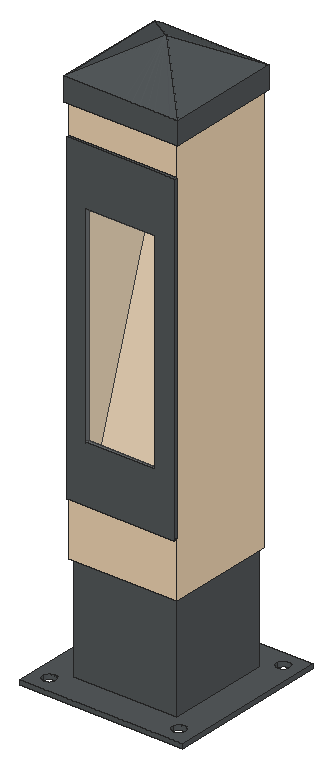
Revit family "Баум", category Осветительные приборы, Revit 2019 (continued)
Types (3, lengths in mm): name | Файл фотометрической сетки | built-in parameter 1150105 | Lumens | built-in parameter 1150106 | built-in parameter 1150142 | Wattage | h_столб низ | h_столб верх | ADSK_Фактическая мощность | ADSK_Размер_Высота | ADSK_Номинальная мощность | ADSK_Наименование | ADSK_Масса_Текст | ADSK_Масса | ADSK_Артикул
    0.4 0.4 0.4 0.4 0.4\r\n 0.6 0.4 0.4 0.4 0.4 0.4 0.4 0.4 0.4 0.4 0.6 0.4 0.4 0.4 0.4 0.4 0.4 0.4 0.4 0.4 0.4 0.4 0.4 0.4 0.4 0.4 0.4 0.4 0.4 0.4 0.6 0.4\r\n 0.4 0.4 0.4 0.4 0.4 0.4 0.4 0.4 0.4 0.4 0.4 0.4 0.4 0.4 0.4 0.4 0.4 0.4 0.4 0.4 0.4 0.4 0.4 0.4 0.4 0.4 0.4 0.4 0.4 0.4 0.4 0.4\r\n 0.4 0.4 0.4 0.4 0.4 0.4 0.4 0.4 0.4 0.4 0.4 0.4 0.4 0.4 0.4 0.4 0.4 0.4 0.4 0.4 0.4 0.4 0.4 0.4 0.4 0.4 0.4 0.4 0.4 0.4 0.4 0.4\r\n 0.4 0.4 0.4 0.4 0.4 0.4 0.4 0.4 0.4 0.4 0.4 0.4 0.4 0.4 0.4 0.4 0.4 0.4 0.4 0.4 0.4 0.4 0.4 0.4 0.4 0.4 0.4 0.4 0.4 0.4 0.4 0.4\r\n 0.4 0.4 0.4 0.4 0.4 0.4 0.4 0.4 0.4 0.2 0.2 0.2 0.2 0.2 0.2 0.2 0.2 0.2 0.0 0.0 0.0\r\n0.0 0.0 0.2 0.2 0.2 0.2 0.2 0.2 0.4 0.6 0.4 0.4 0.4 0.4 0.4 0.4 0.4 0.4 0.4 0.4 0.4 0.4 0.4 0.4 0.4 0.4 0.4 0.4 0.4 0.4 0.4 0.4\r\n 0.4 0.4 0.4 0.4 0.4 0.6 0.6 0.4 0.4 0.4 0.4 0.7 0.6 0.4 0.4 0.4 0.4 0.4 0.4 0.4 0.4 0.4 0.4 0.4 0.4 0.4 0.4 0.4 0.4 0.4 0.4 0.4\r\n 0.4 0.4 0.4 0.4 0.4 0.4 0.4 0.4 0.4 0.4 0.4 0.4 0.4 0.4 0.4 0.4 0.4 0.4 0.4 0.4 0.4 0.4 0.4 0.4 0.4 0.4 0.4 0.4 0.4 0.4 0.4 0.4\r\n 0.4 0.4 0.4 0.4 0.4 0.4 0.4 0.4 0.4 0.4 0.4 0.4 0.4 0.4 0.4 0.4 0.4 0.4 0.4 0.4 0.4 0.6 0.4 0.4 0.4 0.4 0.4 0.4 0.4 0.4 0.4 0.4\r\n 0.4 0.4 0.4 0.4 0.4 0.4 0.4 0.4 0.4 0.4 0.4 0.4 0.4 0.4 0.4 0.4 0.4 0.4 0.4 0.4 0.4 0.4 0.4 0.4 0.4 0.4 0.4 0.4 0.4 0.4 0.4 0.4\r\n 0.4 0.4 0.4 0.4 0.4 0.4 0.4 0.4 0.4 0.2 0.2 0.2 0.2 0.2 0.2 0.2 0.2 0.2 0.0 0.0 0.0\r\n0.0 0.0 0.2 0.2 0.2 0.2 0.2 0.2 0.4 0.6 0.4 0.4 0.4 0.4 0.4 0.4 0.4 0.4 0.4 0.4 0.4 0.4 0.4 0.4 0.4 0.4 0.4 0.4 0.4 0.4 0.4 0.4\r\n 0.4 0.4 0.4 0.4 0.4 0.6 0.4 0.4 0.4 0.4 0.4 0.6 0.4 0.4 0.4 0.4 0.4 0.4 0.4 0.4 0.4 0.4 0.4 0.4 0.4 0.4 0.4 0.4 0.4 0.4 0.4 0.4\r\n 0.4 0.4 0.4 0.4 0.4 0.4 0.4 0.4 0.4 0.4 0.4 0.4 0.4 0.4 0.4 0.4 0.4 0.4 0.4 0.4 0.4 0.4 0.4 0.4 0.4 0.4 0.4 0.4 0.4 0.4 0.4 0.4\r\n 0.4 0.4 0.4 0.4 0.4 0.4 0.4 0.4 0.4 0.4 0.4 0.4 0.4 0.4 0.4 0.4 0.4 0.4 0.4 0.4 0.4 0.7 0.4 0.4 0.4 0.4 0.4 0.4 0.4 0.4 0.4 0.4\r\n 0.4 0.4 0.4 0.4 0.4 0.4 0.4 0.4 0.4 0.4 0.4 0.4 0.4 0.4 0.4 0.4 0.4 0.4 0.4 0.4 0.4 0.4 0.4 0.4 0.4 0.4 0.4 0.4 0.4 0.4 0.4 0.4\r\n 0.4 0.4 0.4 0.4 0.4 0.4 0.4 0.4 0.4 0.2 0.2 0.2 0.2 0.2 0.2 0.2 0.2 0.2 0.0 0.0 0.0\r\n0.0 0.0 0.2 0.2 0.2 0.2 0.2 0.2 0.4 0.4 0.4 0.4 0.4 0.4 0.4 0.4 0.4 0.4 0.4 0.4 0.4 0.4 0.4 0.4 0.4 0.4 0.4 0.4 0.4 0.4 0.4 0.4\r\n 0.4 0.4 0.4 0.4 0.4 0.4 0.4 0.4 0.4 0.4 0.4 0.4 0.4 0.4 0.4 0.4 0.4 0.4 0.4 0.4 0.4 0.4 0.4 0.4 0.4 0.4 0.4 0.4 0.4 0.4 0.4 0.4\r\n 0.4 0.4 0.4 0.4 0.4 0.4 0.4 0.4 0.4 0.4 0.4 0.4 0.4 0.4 0.4 0.4 0.4 0.4 0.4 0.4 0.4 0.4 0.4 0.4 0.4 0.4 0.4 0.4 0.4 0.4 0.4 0.4\r\n 0.4 0.4 0.4 0.4 0.4 0.4 0.4 0.4 0.4 0.4 0.4 0.4 0.4 0.4 0.4 0.4 0.4 0.4 0.4 0.4 0.4 0.4 0.4 0.4 0.4 0.4 0.4 0.4 0.4 0.4 0.4 0.4\r\n 0.4 0.4 0.4 0.4 0.4 0.4 0.4 0.4 0.4 0.4 0.4 0.4 0.4 0.4 0.4 0.4 0.4 0.4 0.4 0.4 0.4 0.4 0.4 0.4 0.4 0.4 0.4 0.4 0.4 0.4 0.4 0.4\r\n 0.4 0.4 0.4 0.4 0.4 0.4 0.4 0.4 0.4 0.2 0.2 0.2 0.2 0.2 0.2 0.2 0.2 0.2 0.0 0.0 0.0\r\n0.0 0.0 0.2 0.2 0.2 0.2 0.2 0.2 0.4 0.4 0.4 0.4 0.4 0.4 0.4 0.4 0.4 0.4 0.4 0.4 0.4 0.4 0.4 0.4 0.4 0.4 0.4 0.4 0.4 0.4 0.4 0.4\r\n 0.4 0.4 0.4 0.4 0.4 0.4 0.4 0.4 0.4 0.4 0.4 0.4 0.4 0.4 0.4 0.4 0.4 0.4 0.4 0.4 0.4 0.4 0.4 0.4 0.4 0.4 0.4 0.4 0.4 0.4 0.4 0.4\r\n 0.4 0.4 0.4 0.4 0.4 0.4 0.4 0.4 0.4 0.4 0.4 0.4 0.4 0.4 0.4 0.4 0.4 0.4 0.4 0.4 0.4 0.4 0.4 0.4 0.4 0.4 0.4 0.4 0.4 0.4 0.4 0.4\r\n 0.4 0.4 0.4 0.4 0.4 0.4 0.4 0.4 0.4 0.4 0.4 0.4 0.4 0.4 0.4 0.4 0.4 0.4 0.4 0.4 0.4 0.4 0.4 0.4 0.4 0.4 0.4 0.4 0.4 0.4 0.4 0.4\r\n 0.4 0.4 0.4 0.4 0.4 0.4 0.4 0.4 0.4 0.4 0.4 0.4 0.4 0.4 0.4 0.4 0.4 0.4 0.4 0.4 0.4 0.4 0.4 0.4 0.4 0.4 0.4 0.4 0.4 0.4 0.4 0.4\r\n 0.4 0.4 0.4 0.4 0.4 0.4 0.4 0.4 0.4 0.2 0.2 0.2 0.2 0.2 0.2 0.2 0.2 0.2 0.0 0.0 0.0\r\n0.0 0.0 0.2 0.2 0.2 0.2 0.2 0.2 0.4 0.4 0.4 0.4 0.4 0.4 0.4 0.4 0.4 0.4 0.4 0.4 0.4 0.4 0.4 0.4 0.4 0.4 0.4 0.4 0.4 0.4 0.4 0.4\r\n 0.4 0.4 0.4 0.4 0.4 0.4 0.4 0.4 0.4 0.4 0.4 0.4 0.4 0.4 0.4 0.4 0.4 0.4 0.4 0.4 0.4 0.4 0.4 0.4 0.4 0.4 0.4 0.4 0.4 0.4 0.4 0.4\r\n 0.4 0.4 0.4 0.4 0.4 0.4 0.4 0.4 0.4 0.4 0.4 0.4 0.4 0.4 0.4 0.4 0.4 0.4 0.4 0.4 0.4 0.4 0.4 0.4 0.4 0.4 0.4 0.4 0.4 0.4 0.4 0.4\r\n 0.4 0.4 0.4 0.4 0.4 0.4 0.4 0.4 0.4 0.4 0.4 0.4 0.4 0.4 0.4 0.4 0.4 0.4 0.4 0.4 0.4 0.4 0.4 0.4 0.4 0.4 0.4 0.4 0.4 0.4 0.4 0.4\r\n 0.4 0.4 0.4 0.4 0.4 0.4 0.4 0.4 0.4 0.4 0.4 0.4 0.4 0.4 0.4 0.4 0.4 0.4 0.4 0.4 0.4 0.4 0.4 0.4 0.4 0.4 0.4 0.4 0.4 0.4 0.4 0.4\r\n 0.4 0.4 0.4 0.4 0.4 0.4 0.4 0.4 0.4 0.2 0.2 0.2 0.2 0.2 0.2 0.2 0.2 0.2 0.0 0.0 0.0\r\n0.0 0.0 0.2 0.2 0.2 0.2 0.2 0.2 0.4 0.4 0.4 0.4 0.4 0.4 0.4 0.4 0.4 0.4 0.4 0.4 0.4 0.4 0.4 0.4 0.4 0.4 0.4 0.4 0.4 0.4 0.4 0.4\r\n 0.4 0.4 0.4 0.4 0.4 0.4 0.4 0.4 0.4 0.4 0.4 0.4 0.4 0.4 0.4 0.4 0.4 0.4 0.4 0.4 0.4 0.4 0.4 0.4 0.4 0.4 0.4 0.4 0.4 0.4 0.4 0.4\r\n 0.4 0.4 0.4 0.4 0.4 0.4 0.4 0.4 0.4 0.4 0.4 0.4 0.4 0.4 0.4 0.4 0.4 0.4 0.4 0.4 0.4 0.4 0.4 0.4 0.4 0.4 0.4 0.4 0.4 0.4 0.4 0.4\r\n 0.4 0.4 0.4 0.4 0.4 0.4 0.4 0.4 0.4 0.4 0.4 0.4 0.4 0.4 0.4 0.4 0.4 0.4 0.4 0.4 0.4 0.4 0.4 0.4 0.4 0.4 0.4 0.4 0.4 0.4 0.4 0.4\r\n 0.4 0.4 0.4 0.4 0.4 0.4 0.4 0.4 0.4 0.4 0.4 0.4 0.4 0.4 0.4 0.4 0.4 0.4 0.4 0.4 0.4 0.4 0.4 0.4 0.4 0.4 0.4 0.4 0.4 0.4 0.4 0.4\r\n 0.4 0.4 0.4 0.4 0.4 0.4 0.4 0.4 0.4 0.2 0.2 0.2 0.2 0.2 0.2 0.2 0.2 0.2 0.0 0.0 0.0\r\n0.0 0.0 0.2 0.2 0.2 0.2 0.2 0.2 0.4 0.4 0.4 0.4 0.4 0.4 0.4 0.4 0.4 0.4 0.4 0.4 0.4 0.4 0.4 0.4 0.4 0.4 0.4 0.4 0.4 0.4 0.4 0.4\r\n 0.4 0.4 0.4 0.4 0.4 0.4 0.4 0.4 0.4 0.4 0.4 0.4 0.4 0.4 0.4 0.4 0.4 0.4 0.4 0.4 0.4 0.4 0.4 0.4 0.4 0.4 0.4 0.4 0.4 0.4 0.4 0.4\r\n 0.4 0.4 0.4 0.4 0.4 0.4 0.4 0.4 0.4 0.4 0.4 0.4 0.4 0.4 0.4 0.4 0.4 0.4 0.4 0.4 0.4 0.4 0.4 0.4 0.4 0.4 0.4 0.4 0.4 0.4 0.4 0.4\r\n 0.4 0.4 0.4 0.4 0.4 0.4 0.4 0.4 0.4 0.4 0.4 0.4 0.4 0.4 0.4 0.4 0.4 0.4 0.4 0.4 0.4 0.4 0.4 0.4 0.4 0.4 0.4 0.4 0.4 0.4 0.4 0.4\r\n 0.4 0.4 0.4 0.4 0.4 0.4 0.4 0.4 0.4 0.4 0.4 0.4 0.4 0.4 0.4 0.4 0.4 0.4 0.4 0.4 0.4 0.4 0.4 0.4 0.4 0.4 0.4 0.4 0.4 0.4 0.4 0.4\r\n 0.4 0.4 0.4 0.4 0.4 0.4 0.4 0.4 0.4 0.2 0.2 0.2 0.2 0.2 0.2 0.2 0.2 0.2 0.0 0.0 0.0\r\n0.0 0.0 0.2 0.2 0.2 0.2 0.2 0.2 0.4 0.4 0.4 0.4 0.4 0.4 0.4 0.4 0.4 0.4 0.4 0.4 0.4 0.4 0.4 0.4 0.4 0.4 0.4 0.4 0.4 0.4 0.4 0.4\r\n 0.4 0.4 0.4 0.4 0.4 0.4 0.4 0.4 0.4 0.4 0.4 0.4 0.4 0.4 0.4 0.4 0.4 0.4 0.4 0.4 0.4 0.4 0.4 0.4 0.4 0.4 0.4 0.4 0.4 0.4 0.4 0.4\r\n 0.4 0.4 0.4 0.4 0.4 0.4 0.4 0.4 0.4 0.4 0.4 0.4 0.4 0.4 0.4 0.4 0.4 0.4 0.4 0.4 0.4 0.4 0.4 0.4 0.4 0.4 0.4 0.4 0.4 0.4 0.4 0.4\r\n 0.4 0.4 0.4 0.4 0.4 0.4 0.4 0.4 0.4 0.4 0.4 0.4 0.4 0.4 0.4 0.4 0.4 0.4 0.4 0.4 0.4 0.4 0.4 0.4 0.4 0.4 0.4 0.4 0.4 0.4 0.4 0.4\r\n 0.4 0.4 0.4 0.4 0.4 0.4 0.4 0.4 0.4 0.4 0.4 0.4 0.4 0.4 0.4 0.4 0.4 0.4 0.4 0.4 0.4 0.4 0.4 0.4 0.4 0.4 0.4 0.4 0.4 0.4 0.4 0.4\r\n 0.4 0.4 0.4 0.4 0.4 0.4 0.4 0.4 0.4 0.2 0.2 0.2 0.2 0.2 0.2 0.2 0.2 0.2 0.0 0.0 0.0\r\n0.0 0.0 0.2 0.2 0.2 0.2 0.2 0.2 0.4 0.4 0.4 0.4 0.4 0.4 0.4 0.4 0.4 0.4 0.4 0.4 0.4 0.4 0.4 0.4 0.4 0.4 0.4 0.4 0.4 0.4 0.4 0.4\r\n 0.4 0.4 0.4 0.4 0.4 0.4 0.4 0.4 0.4 0.4 0.4 0.4 0.4 0.4 0.4 0.4 0.4 0.4 0.4 0.4 0.4 0.4 0.4 0.4 0.4 0.4 0.4 0.4 0.4 0.4 0.4 0.4\r\n 0.4 0.4 0.4 0.4 0.4 0.4 0.4 0.4 0.4 0.4 0.4 0.4 0.4 0.4 0.4 0.4 0.4 0.4 0.4 0.4 0.4 0.4 0.4 0.4 0.4 0.4 0.4 0.4 0.4 0.4 0.4 0.4\r\n 0.4 0.4 0.4 0.4 0.4 0.4 0.4 0.4 0.4 0.4 0.4 0.4 0.4 0.4 0.4 0.4 0.4 0.4 0.4 0.4 0.4 0.4 0.4 0.4 0.4 0.4 0.4 0.4 0.4 0.4 0.4 0.4\r\n 0.4 0.4 0.4 0.4 0.4 0.4 0.4 0.4 0.4 0.4 0.4 0.4 0.4 0.4 0.4 0.4 0.4 0.4 0.4 0.4 0.4 0.4 0.4 0.4 0.4 0.4 0.4 0.4 0.4 0.4 0.4 0.4\r\n 0.4 0.4 0.4 0.4 0.4 0.4 0.4 0.4 0.4 0.2 0.2 0.2 0.2 0.2 0.2 0.2 0.2 0.2 0.0 0.0 0.0\r\n0.0 0.0 0.0 0.2 0.2 0.2 0.2 0.2 0.4 0.4 0.4 0.4 0.4 0.4 0.4 0.4 0.4 0.4 0.4 0.4 0.4 0.4 0.4 0.4 0.4 0.4 0.4 0.4 0.4 0.4 0.4 0.4\r\n 0.4 0.4 0.4 0.4 0.4 0.4 0.4 0.4 0.4 0.4 0.4 0.4 0.4 0.4 0.4 0.4 0.4 0.4 0.4 0.4 0.4 0.4 0.4 0.4 0.4 0.4 0.4 0.4 0.4 0.4 0.4 0.4\r\n 0.4 0.4 0.4 0.4 0.4 0.4 0.4 0.4 0.4 0.4 0.4 0.4 0.4 0.4 0.4 0.4 0.4 0.4 0.4 0.4 0.4 0.4 0.4 0.4 0.4 0.4 0.4 0.4 0.4 0.4 0.4 0.4\r\n 0.4 0.4 0.4 0.4 0.4 0.4 0.4 0.4 0.4 0.4 0.4 0.4 0.4 0.4 0.4 0.4 0.4 0.4 0.4 0.4 0.4 0.4 0.4 0.4 0.4 0.4 0.4 0.4 0.4 0.4 0.4 0.4\r\n 0.4 0.4 0.4 0.4 0.4 0.4 0.4 0.4 0.4 0.4 0.4 0.4 0.4 0.4 0.4 0.4 0.4 0.4 0.4 0.4 0.4 0.4 0.4 0.4 0.4 0.4 0.4 0.4 0.4 0.4 0.4 0.4\r\n 0.4 0.4 0.4 0.4 0.4 0.4 0.4 0.4 0.4 0.2 0.2 0.2 0.2 0.2 0.2 0.2 0.2 0.2 0.0 0.0 0.0\r\n0.0 0.0 0.0 0.2 0.2 0.2 0.2 0.2 0.4 0.4 0.4 0.4 0.4 0.4 0.4 0.4 0.4 0.4 0.4 0.4 0.4 0.4 0.4 0.4 0.4 0.4 0.4 0.4 0.4 0.4 0.4 0.4\r\n 0.4 0.4 0.4 0.4 0.4 0.4 0.4 0.4 0.4 0.4 0.4 0.4 0.4 0.4 0.4 0.4 0.4 0.4 0.4 0.4 0.4 0.4 0.4 0.4 0.4 0.4 0.4 0.4 0.4 0.4 0.4 0.4\r\n 0.4 0.4 0.4 0.4 0.4 0.4 0.4 0.4 0.4 0.4 0.4 0.4 0.4 0.4 0.4 0.4 0.4 0.4 0.4 0.4 0.4 0.4 0.4 0.4 0.4 0.4 0.4 0.4 0.4 0.4 0.4 0.4\r\n 0.4 0.4 0.4 0.4 0.4 0.4 0.4 0.4 0.4 0.4 0.4 0.4 0.4 0.4 0.4 0.4 0.4 0.4 0.4 0.4 0.4 0.4 0.4 0.4 0.4 0.4 0.4 0.4 0.4 0.4 0.4 0.4\r\n 0.4 0.4 0.4 0.4 0.4 0.4 0.4 0.4 0.4 0.4 0.4 0.4 0.4 0.4 0.4 0.4 0.4 0.4 0.4 0.4 0.4 0.4 0.4 0.4 0.4 0.4 0.4 0.4 0.4 0.4 0.4 0.4\r\n 0.4 0.4 0.4 0.4 0.4 0.4 0.4 0.4 0.4 0.2 0.2 0.2 0.2 0.2 0.2 0.2 0.2 0.2 0.0 0.0 0.0\r\n0.0 0.0 0.0 0.2 0.2 0.2 0.2 0.2 0.4 0.4 0.4 0.4 0.4 0.4 0.4 0.4 0.4 0.4 0.4 0.4 0.4 0.4 0.4 0.4 0.4 0.6 0.4 0.4 0.4 0.4 0.4 0.4\r\n 0.4 0.4 0.4 0.4 0.4 0.4 0.4 0.4 0.4 0.4 0.4 0.4 0.4 0.4 0.4 0.4 0.4 0.4 0.4 0.4 0.4 0.4 0.4 0.4 0.4 0.4 0.4 0.4 0.4 0.4 0.4 0.4\r\n 0.4 0.4 0.4 0.4 0.4 0.4 0.4 0.4 0.4 0.4 0.4 0.4 0.4 0.4 0.4 0.4 0.4 0.4 0.4 0.4 0.4 0.4 0.4 0.4 0.4 0.4 0.4 0.4 0.4 0.4 0.4 0.4\r\n 0.4 0.4 0.4 0.4 0.4 0.4 0.4 0.4 0.4 0.4 0.4 0.4 0.4 0.4 0.4 0.4 0.4 0.4 0.4 0.4 0.4 0.4 0.4 0.4 0.4 0.4 0.4 0.4 0.4 0.4 0.4 0.4\r\n 0.4 0.4 0.4 0.4 0.4 0.4 0.4 0.4 0.4 0.4 0.4 0.4 0.4 0.4 0.4 0.4 0.4 0.4 0.4 0.4 0.4 0.4 0.4 0.4 0.4 0.4 0.4 0.4 0.4 0.4 0.4 0.4\r\n 0.4 0.4 0.4 0.4 0.4 0.4 0.4 0.4 0.4 0.2 0.2 0.2 0.2 0.2 0.2 0.2 0.2 0.2 0.0 0.0 0.0\r\n0.0 0.0 0.0 0.2 0.2 0.2 0.2 0.2 0.4 0.4 0.4 0.4 0.4 0.4 0.4 0.4 0.4 0.4 0.4 0.4 0.4 0.4 0.4 0.4 0.4 0.4 0.4 0.4 0.4 0.4 0.4 0.4\r\n 0.4 0.4 0.4 0.4 0.4 0.4 0.4 0.4 0.4 0.4 0.4 0.4 0.4 0.4 0.4 0.4 0.4 0.4 0.4 0.4 0.4 0.4 0.4 0.4 0.4 0.4 0.4 0.4 0.4 0.4 0.4 0.4\r\n 0.4 0.4 0.4 0.4 0.4 0.4 0.4 0.4 0.4 0.4 0.4 0.4 0.4 0.4 0.4 0.4 0.4 0.4 0.4 0.4 0.4 0.4 0.4 0.4 0.4 0.4 0.4 0.4 0.4 0.4 0.4 0.4\r\n 0.4 0.4 0.4 0.4 0.4 0.4 0.4 0.4 0.4 0.4 0.4 0.4 0.4 0.4 0.4 0.4 0.4 0.4 0.4 0.4 0.4 0.4 0.4 0.4 0.4 0.4 0.4 0.4 0.4 0.4 0.4 0.4\r\n 0.4 0.4 0.4 0.4 0.4 0.4 0.4 0.4 0.4 0.4 0.4 0.4 0.4 0.6 0.4 0.4 0.4 0.4 0.4 0.4 0.4 0.4 0.4 0.4 0.4 0.4 0.4 0.4 0.4 0.4 0.4 0.4\r\n 0.4 0.4 0.4 0.4 0.4 0.4 0.4 0.4 0.4 0.2 0.2 0.2 0.2 0.2 0.2 0.2 0.2 0.2 0.0 0.0 0.0\r\n0.0 0.0 0.0 0.0 0.2 0.2 0.2 0.2 0.4 0.4 0.4 0.4 0.4 0.4 0.4 0.4 0.4 0.4 0.4 0.4 0.4 0.4 0.4 0.4 0.4 0.4 0.4 0.4 0.4 0.4 0.4 0.4\r\n 0.4 0.4 0.4 0.4 0.4 0.4 0.4 0.4 0.4 0.4 0.4 0.4 0.4 0.4 0.4 0.4 0.4 0.4 0.4 0.4 0.4 0.4 0.4 0.4 0.4 0.4 0.4 0.4 0.4 0.4 0.4 0.4\r\n 0.4 0.4 0.4 0.4 0.4 0.4 0.4 0.4 0.4 0.4 0.4 0.4 0.4 0.4 0.4 0.4 0.4 0.4 0.4 0.4 0.4 0.4 0.4 0.4 0.4 0.4 0.4 0.4 0.4 0.4 0.4 0.4\r\n 0.4 0.4 0.4 0.4 0.4 0.4 0.4 0.4 0.4 0.4 0.4 0.4 0.4 0.4 0.4 0.4 0.4 0.4 0.4 0.4 0.4 0.4 0.4 0.4 0.4 0.4 0.4 0.4 0.4 0.4 0.4 0.4\r\n 0.4 0.4 0.4 0.4 0.4 0.4 0.4 0.4 0.4 0.4 0.4 0.4 0.4 0.4 0.4 0.4 0.4 0.4 0.4 0.4 0.4 0.4 0.4 0.4 0.4 0.4 0.4 0.4 0.4 0.4 0.4 0.4\r\n 0.4 0.4 0.4 0.4 0.4 0.4 0.4 0.4 0.4 0.2 0.2 0.2 0.2 0.2 0.2 0.2 0.2 0.2 0.0 0.0 0.0\r\n0.0 0.0 0.0 0.0 0.2 0.2 0.2 0.2 0.4 0.4 0.4 0.4 0.4 0.4 0.4 0.4 0.4 0.4 0.4 0.4 0.4 0.4 0.4 0.4 0.4 0.4 0.4 0.4 0.4 0.4 0.4 0.4\r\n 0.4 0.4 0.4 0.4 0.4 0.4 0.4 0.4 0.4 0.4 0.4 0.4 0.4 0.4 0.4 0.4 0.4 0.4 0.4 0.4 0.4 0.4 0.4 0.4 0.4 0.4 0.4 0.4 0.4 0.4 0.4 0.4\r\n 0.4 0.4 0.4 0.4 0.4 0.4 0.4 0.4 0.4 0.4 0.4 0.4 0.4 0.4 0.4 0.4 0.4 0.4 0.4 0.4 0.4 0.4 0.4 0.4 0.4 0.4 0.4 0.4 0.4 0.4 0.4 0.4\r\n 0.4 0.4 0.4 0.4 0.4 0.4 0.4 0.4 0.4 0.4 0.4 0.4 0.4 0.4 0.4 0.4 0.4 0.4 0.4 0.4 0.4 0.4 0.4 0.4 0.4 0.4 0.4 0.4 0.4 0.4 0.4 0.4\r\n 0.4 0.4 0.4 0.4 0.4 0.4 0.4 0.4 0.4 0.4 0.4 0.4 0.4 0.4 0.4 0.4 0.4 0.4 0.4 0.4 0.4 0.4 0.4 0.4 0.4 0.4 0.4 0.4 0.4 0.4 0.4 0.4\r\n 0.4 0.4 0.4 0.4 0.4 0.4 0.4 0.4 0.4 0.2 0.2 0.2 0.2 0.2 0.2 0.2 0.2 0.2 0.0 0.0 0.0\r\n0.0 0.0 0.0 0.0 0.2 0.2 0.2 0.2 0.4 0.4 0.4 0.4 0.4 0.4 0.4 0.4 0.4 0.4 0.4 0.4 0.4 0.4 0.4 0.4 0.4 0.4 0.4 0.4 0.4 0.4 0.4 0.4\r\n 0.4 0.4 0.4 0.4 0.4 0.4 0.4 0.4 0.4 0.4 0.4 0.4 0.4 0.4 0.4 0.4 0.4 0.4 0.4 0.4 0.4 0.4 0.4 0.4 0.4 0.4 0.4 0.4 0.4 0.4 0.4 0.4\r\n 0.4 0.4 0.4 0.4 0.4 0.4 0.4 0.4 0.4 0.4 0.4 0.4 0.4 0.4 0.4 0.4 0.4 0.4 0.4 0.4 0.4 0.4 0.4 0.4 0.4 0.4 0.4 0.4 0.4 0.4 0.4 0.4\r\n 0.4 0.4 0.4 0.4 0.4 0.4 0.4 0.4 0.4 0.4 0.4 0.4 0.4 0.4 0.4 0.4 0.4 0.4 0.4 0.4 0.4 0.4 0.4 0.4 0.4 0.4 0.4 0.4 0.4 0.4 0.4 0.4\r\n 0.4 0.4 0.4 0.4 0.4 0.4 0.4 0.4 0.4 0.4 0.4 0.4 0.4 0.4 0.4 0.4 0.4 0.4 0.4 0.4 0.4 0.4 0.4 0.4 0.4 0.4 0.4 0.4 0.4 0.4 0.4 0.4\r\n 0.4 0.4 0.4 0.4 0.4 0.4 0.4 0.4 0.4 0.2 0.2 0.2 0.2 0.2 0.2 0.2 0.2 0.2 0.0 0.0 0.0\r\n0.0 0.0 0.0 0.0 0.0 0.2 0.2 0.2 0.4 0.4 0.4 0.4 0.4 0.4 0.4 0.4 0.4 0.4 0.4 0.4 0.4 0.4 0.4 0.4 0.4 0.4 0.4 0.4 0.4 0.4 0.4 0.4\r\n 0.4 0.4 0.4 0.4 0.4 0.4 0.4 0.4 0.4 0.4 0.4 0.4 0.4 0.4 0.4 0.4 0.4 0.4 0.4 0.4 0.4 0.4 0.4 0.4 0.4 0.4 0.4 0.4 0.4 0.4 0.4 0.4\r\n 0.4 0.4 0.4 0.4 0.4 0.4 0.4 0.4 0.4 0.4 0.4 0.4 0.4 0.4 0.4 0.4 0.4 0.4 0.4 0.4 0.4 0.4 0.4 0.4 0.4 0.4 0.4 0.4 0.4 0.4 0.4 0.4\r\n 0.4 0.4 0.4 0.4 0.4 0.4 0.4 0.4 0.4 0.4 0.4 0.4 0.4 0.4 0.4 0.4 0.4 0.4 0.4 0.4 0.4 0.4 0.4 0.4 0.4 0.4 0.4 0.4 0.4 0.4 0.4 0.4\r\n 0.4 0.4 0.4 0.4 0.4 0.4 0.4 0.4 0.4 0.4 0.4 0.4 0.4 0.4 0.4 0.4 0.4 0.4 0.4 0.4 0.4 0.4 0.4 0.4 0.4 0.4 0.4 0.4 0.4 0.4 0.4 0.4\r\n 0.4 0.4 0.4 0.4 0.4 0.4 0.4 0.4 0.4 0.2 0.2 0.2 0.2 0.2 0.2 0.2 0.2 0.2 0.0 0.0 0.0\r\n0.0 0.0 0.0 0.0 0.0 0.2 0.2 0.2 0.4 0.4 0.4 0.4 0.4 0.4 0.4 0.4 0.4 0.4 0.4 0.4 0.4 0.4 0.4 0.4 0.4 0.4 0.4 0.4 0.4 0.4 0.4 0.4\r\n 0.4 0.4 0.4 0.4 0.4 0.4 0.4 0.4 0.4 0.4 0.4 0.4 0.4 0.4 0.4 0.4 0.4 0.4 0.4 0.4 0.4 0.4 0.4 0.4 0.4 0.4 0.4 0.4 0.4 0.4 0.4 0.4\r\n 0.4 0.4 0.4 0.4 0.4 0.4 0.4 0.4 0.4 0.4 0.4 0.4 0.4 0.4 0.4 0.4 0.4 0.4 0.4 0.4 0.4 0.4 0.4 0.4 0.4 0.4 0.4 0.4 0.4 0.4 0.4 0.4\r\n 0.4 0.4 0.4 0.4 0.4 0.4 0.4 0.4 0.4 0.4 0.4 0.4 0.4 0.4 0.4 0.4 0.4 0.4 0.4 0.4 0.4 0.4 0.4 0.4 0.4 0.4 0.4 0.4 0.4 0.4 0.4 0.4\r\n 0.4 0.4 0.4 0.4 0.4 0.4 0.4 0.4 0.4 0.4 0.4 0.4 0.4 0.4 0.4 0.4 0.4 0.4 0.4 0.4 0.4 0.4 0.4 0.4 0.4 0.4 0.4 0.4 0.4 0.4 0.4 0.4\r\n 0.4 0.4 0.4 0.4 0.4 0.4 0.4 0.4 0.4 0.2 0.2 0.2 0.2 0.2 0.2 0.2 0.2 0.2 0.0 0.0 0.0\r\n0.0 0.0 0.0 0.0 0.0 0.2 0.2 0.2 0.4 0.4 0.4 0.4 0.4 0.4 0.4 0.4 0.4 0.4 0.4 0.4 0.4 0.4 0.4 0.4 0.4 0.4 0.4 0.4 0.4 0.4 0.4 0.4\r\n 0.4 0.4 0.4 0.4 0.4 0.4 0.4 0.4 0.4 0.4 0.4 0.4 0.4 0.4 0.4 0.4 0.4 0.4 0.4 0.6 0.4 0.4 0.4 0.4 0.4 0.4 0.4 0.4 0.4 0.4 0.4 0.4\r\n 0.4 0.4 0.4 0.4 0.4 0.4 0.4 0.4 0.4 0.4 0.4 0.4 0.4 0.4 0.4 0.4 0.4 0.4 0.4 0.4 0.4 0.4 0.4 0.4 0.4 0.4 0.4 0.4 0.4 0.4 0.4 0.4\r\n 0.4 0.4 0.4 0.4 0.4 0.4 0.4 0.4 0.4 0.4 0.4 0.4 0.4 0.4 0.4 0.4 0.4 0.4 0.4 0.4 0.4 0.4 0.4 0.4 0.4 0.4 0.4 0.4 0.4 0.4 0.4 0.4\r\n 0.4 0.4 0.4 0.4 0.4 0.4 0.4 0.4 0.4 0.4 0.4 0.4 0.4 0.4 0.4 0.4 0.4 0.4 0.4 0.4 0.4 0.4 0.4 0.4 0.4 0.4 0.4 0.4 0.4 0.4 0.4 0.4\r\n 0.4 0.4 0.4 0.4 0.4 0.4 0.4 0.4 0.4 0.4 0.2 0.2 0.2 0.2 0.2 0.2 0.2 0.2 0.0 0.0 0.0\r\n0.0 0.0 0.0 0.0 0.0 0.2 0.2 0.2 0.4 0.4 0.4 0.4 0.4 0.4 0.4 0.4 0.4 0.4 0.4 0.4 0.4 0.4 0.4 0.4 0.4 0.4 0.4 0.4 0.4 0.4 0.4 0.4\r\n 0.4 0.4 0.4 0.4 0.4 0.4 0.4 0.4 0.4 0.4 0.4 0.4 0.4 0.4 0.4 0.4 0.4 0.4 0.4 0.4 0.4 0.4 0.4 0.4 0.4 0.4 0.4 0.4 0.4 0.4 0.4 0.4\r\n 0.4 0.4 0.4 0.4 0.4 0.4 0.4 0.4 0.4 0.4 0.4 0.4 0.4 0.4 0.4 0.4 0.4 0.4 0.4 0.4 0.4 0.4 0.4 0.4 0.4 0.4 0.4 0.4 0.4 0.4 0.4 0.4\r\n 0.4 0.4 0.4 0.4 0.4 0.4 0.4 0.4 0.4 0.4 0.4 0.4 0.4 0.4 0.4 0.4 0.4 0.4 0.4 0.4 0.4 0.4 0.4 0.4 0.4 0.4 0.4 0.4 0.4 0.4 0.4 0.4\r\n 0.4 0.4 0.4 0.4 0.4 0.4 0.4 0.4 0.4 0.4 0.4 0.4 0.4 0.4 0.4 0.4 0.4 0.4 0.4 0.4 0.4 0.4 0.4 0.4 0.4 0.4 0.4 0.4 0.4 0.4 0.4 0.4\r\n 0.4 0.4 0.4 0.4 0.4 0.4 0.4 0.4 0.4 0.4 0.2 0.2 0.2 0.2 0.2 0.2 0.2 0.0 0.0 0.0 0.0\r\n0.0 0.0 0.0 0.0 0.0 0.2 0.2 0.2 0.4 0.4 0.4 0.4 0.4 0.4 0.4 0.4 0.4 0.4 0.4 0.4 0.4 0.4 0.4 0.4 0.4 0.4 0.4 0.4 0.4 0.4 0.4 0.4\r\n 0.4 0.4 0.4 0.4 0.4 0.4 0.4 0.4 0.4 0.4 0.4 0.4 0.4 0.4 0.4 0.4 0.4 0.4 0.4 0.4 0.4 0.4 0.4 0.4 0.4 0.4 0.4 0.4 0.4 0.4 0.4 0.4\r\n 0.4 0.4 0.4 0.4 0.4 0.4 0.4 0.4 0.4 0.4 0.4 0.4 0.4 0.4 0.4 0.4 0.4 0.4 0.4 0.4 0.4 0.4 0.4 0.4 0.4 0.4 0.4 0.4 0.4 0.4 0.4 0.4\r\n 0.4 0.4 0.4 0.4 0.4 0.4 0.4 0.4 0.4 0.4 0.4 0.4 0.4 0.4 0.4 0.4 0.4 0.4 0.4 0.4 0.4 0.4 0.4 0.4 0.4 0.4 0.4 0.4 0.4 0.4 0.4 0.4\r\n 0.4 0.4 0.4 0.4 0.4 0.4 0.4 0.4 0.4 0.4 0.4 0.4 0.4 0.4 0.4 0.4 0.4 0.4 0.4 0.4 0.4 0.4 0.4 0.4 0.4 0.4 0.4 0.4 0.4 0.4 0.4 0.4\r\n 0.4 0.4 0.4 0.4 0.4 0.4
